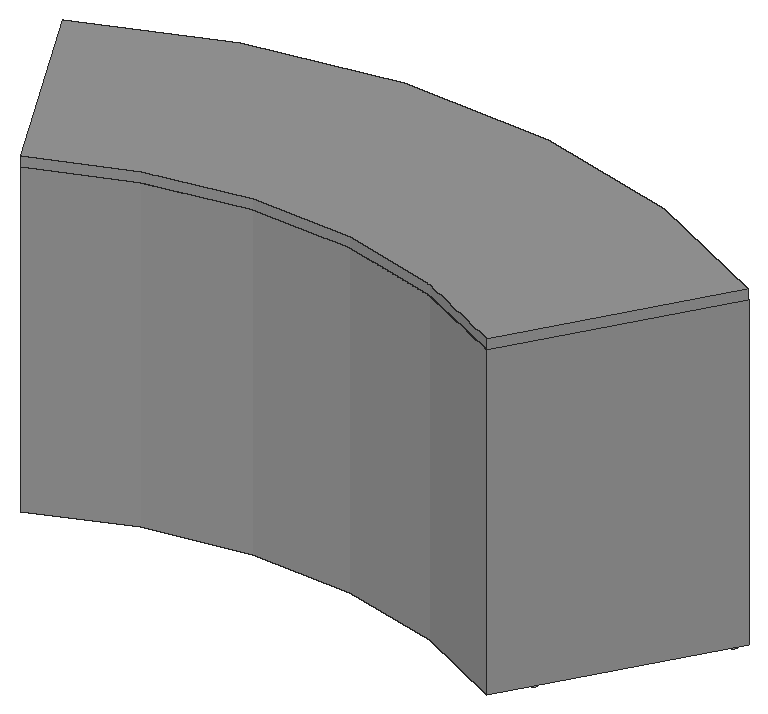
Revit family "Cocoon High", category Generic Models, Revit 2018
Family settings
  Can host rebar = No
  Round Connector Dimension = Use Diameter
  Part Type = Normal
  Work Plane-Based = No
  Always vertical = Yes
  Cut with Voids When Loaded = No
  Shared = No
  Room Calculation Point = No
Parameters
  Surface = Cocoon High Surface
  Frame = Cocoon High Frame
Reference planes (in)
  plane 1 "Center (Front/Back)": y = 0
  plane 2: z = 0
  plane 3 "Center (Left/Right)": x = 0
Forms (in)
  Extrusion 1, solid, material "Cocoon High Frame" <- "Frame"
    sketch origin (0, 0, 0) x (1, 0, 0) y (0, 1, 0)
      loop
        line (-42.96563, 12.87762) -> (-44.13915, 12.21022) -> (-30.03655, -12.21022)
        arc (-30.03655, -12.21022) -> (0, -4.17879) -> (30.03655, -12.21022) r 60.18222
        line (30.03655, -12.21022) -> (44.13915, 12.21022) -> (42.96563, 12.87762) -> (30.91173, -7.99523)
        arc (30.91173, -7.99523) -> (22.08447, -3.99044) -> (12.75562, -1.35766) r 64.31924
        line (12.75562, -1.35766) -> (14.2821, 6.53682) -> (13.05484, 6.77413) -> (11.5281, -1.12168)
        arc (11.5281, -1.12168) -> (-0.00013, -0.08015) -> (-11.52835, -1.12173) r 64.31924
        line (-11.52835, -1.12173) -> (-13.05509, 6.77413) -> (-14.28236, 6.53682) -> (-12.75587, -1.35772)
        arc (-12.75587, -1.35772) -> (-22.08459, -3.99048) -> (-30.91173, -7.99523) r 64.31924
        line (-30.91173, -7.99523) -> (-42.96563, 12.87762)
    from 0.25 to 40
  Extrusion 2, solid, material "Cocoon High Surface" <- "Surface"
    sketch origin (0, 0, 0) x (1, 0, 0) y (0, 1, 0)
      loop
        line (-44.13876, 12.20954) -> (-30.03655, -12.21022)
        arc (-30.03655, -12.21022) -> (0, -4.17879) -> (30.03655, -12.21022) r 60.18222
        line (30.03655, -12.21022) -> (44.13876, 12.20954)
        arc (44.13876, 12.20954) -> (0, 24.02042) -> (-44.13876, 12.20954) r 88.38144
    from 40 to 41.25
  Revolve 3, solid, material "Cocoon Gliders"
    sketch origin (13.7231, -9.10616, 0) x (1, 0, 0) y (0, 0, 1)
      loop
        line (-42.84178, 0.25) -> (-42.84178, 0) -> (-42.30491, 0)
        arc (-42.30491, 0) -> (-42.28722, 0.00985) -> (-42.29378, 0.029) r 0.01578
        line (-42.29378, 0.029) -> (-42.55622, 0.188) -> (-42.71738, 0.188) -> (-42.71738, 0.25) -> (-42.84178, 0.25)
      axis (-42.84178, 0) -> (-42.84178, 0.25)
    angle from 0 to 360
  Revolve 4, solid, material "Cocoon Gliders"
    sketch origin (10.76475, -7.22536, 0) x (1, 0, 0) y (0, 0, 1)
      loop
        line (-42.84178, 0.25) -> (-42.84178, 0) -> (-42.30491, 0)
        arc (-42.30491, 0) -> (-42.28722, 0.00985) -> (-42.29378, 0.029) r 0.01578
        line (-42.29378, 0.029) -> (-42.55622, 0.188) -> (-42.71738, 0.188) -> (-42.71738, 0.25) -> (-42.84178, 0.25)
      axis (-42.84178, 0) -> (-42.84178, 0.25)
    angle from 0 to 360
  Revolve 5, solid, material "Cocoon Gliders"
    sketch origin (0.00012, 11.39589, 0) x (1, 0, 0) y (0, 0, 1)
      loop
        line (-42.84178, 0.25) -> (-42.84178, 0) -> (-42.30491, 0)
        arc (-42.30491, 0) -> (-42.28722, 0.00985) -> (-42.29378, 0.029) r 0.01578
        line (-42.29378, 0.029) -> (-42.55622, 0.188) -> (-42.71738, 0.188) -> (-42.71738, 0.25) -> (-42.84178, 0.25)
      axis (-42.84178, 0) -> (-42.84178, 0.25)
    angle from 0 to 360
  Revolve 6, solid, material "Cocoon Gliders"
    sketch origin (29.42699, 5.43077, 0) x (1, 0, 0) y (0, 0, 1)
      loop
        line (-42.84178, 0.25) -> (-42.84178, 0) -> (-42.30491, 0)
        arc (-42.30491, 0) -> (-42.28722, 0.00985) -> (-42.29378, 0.029) r 0.01578
        line (-42.29378, 0.029) -> (-42.55622, 0.188) -> (-42.71738, 0.188) -> (-42.71738, 0.25) -> (-42.84178, 0.25)
      axis (-42.84178, 0) -> (-42.84178, 0.25)
    angle from 0 to 360
  Revolve 7, solid, material "Cocoon Gliders"
    sketch origin (42.84178, -2.09846, 0) x (1, 0, 0) y (0, 0, 1)
      loop
        line (-42.84178, 0.25) -> (-42.84178, 0) -> (-42.30491, 0)
        arc (-42.30491, 0) -> (-42.28722, 0.00985) -> (-42.29378, 0.029) r 0.01578
        line (-42.29378, 0.029) -> (-42.55622, 0.188) -> (-42.71738, 0.188) -> (-42.71738, 0.25) -> (-42.84178, 0.25)
      axis (-42.84178, 0) -> (-42.84178, 0.25)
    angle from 0 to 360
  Revolve 8, solid, material "Cocoon Gliders"
    sketch origin (-13.7231, -9.10616, 0) x (-1, 0, 0) y (0, 0, -1)
      loop
        line (-42.84178, -0.25) -> (-42.71738, -0.25) -> (-42.71738, -0.188) -> (-42.55622, -0.188) -> (-42.29378, -0.029)
        arc (-42.29378, -0.029) -> (-42.28722, -0.00985) -> (-42.30491, 0) r 0.01578
        line (-42.30491, 0) -> (-42.84178, 0) -> (-42.84178, -0.25)
      axis (-42.84178, 0) -> (-42.84178, -0.25)
    angle from 0 to 360
  Revolve 9, solid, material "Cocoon Gliders"
    sketch origin (-10.76475, -7.22536, 0) x (-1, 0, 0) y (0, 0, -1)
      loop
        line (-42.84178, -0.25) -> (-42.71738, -0.25) -> (-42.71738, -0.188) -> (-42.55622, -0.188) -> (-42.29378, -0.029)
        arc (-42.29378, -0.029) -> (-42.28722, -0.00985) -> (-42.30491, 0) r 0.01578
        line (-42.30491, 0) -> (-42.84178, 0) -> (-42.84178, -0.25)
      axis (-42.84178, 0) -> (-42.84178, -0.25)
    angle from 0 to 360
  Revolve 10, solid, material "Cocoon Gliders"
    sketch origin (-0.00012, 11.39589, 0) x (-1, 0, 0) y (0, 0, -1)
      loop
        line (-42.84178, -0.25) -> (-42.71738, -0.25) -> (-42.71738, -0.188) -> (-42.55622, -0.188) -> (-42.29378, -0.029)
        arc (-42.29378, -0.029) -> (-42.28722, -0.00985) -> (-42.30491, 0) r 0.01578
        line (-42.30491, 0) -> (-42.84178, 0) -> (-42.84178, -0.25)
      axis (-42.84178, 0) -> (-42.84178, -0.25)
    angle from 0 to 360
  Revolve 11, solid, material "Cocoon Gliders"
    sketch origin (-29.42699, 5.43077, 0) x (-1, 0, 0) y (0, 0, -1)
      loop
        line (-42.84178, -0.25) -> (-42.71738, -0.25) -> (-42.71738, -0.188) -> (-42.55622, -0.188) -> (-42.29378, -0.029)
        arc (-42.29378, -0.029) -> (-42.28722, -0.00985) -> (-42.30491, 0) r 0.01578
        line (-42.30491, 0) -> (-42.84178, 0) -> (-42.84178, -0.25)
      axis (-42.84178, 0) -> (-42.84178, -0.25)
    angle from 0 to 360
Dimensions and locks (in)
  aligned and locked: plane 2 to level
